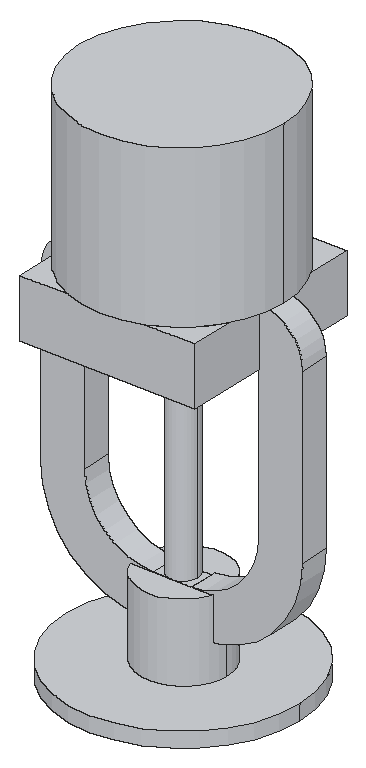
Revit family
Parameters (values of type "RASCO F156 PENDENT")
  Temperature Rating = 286 °F
  Response = (empty or 0)
  RASCO SIN # = "RA1314"
  RASCO Part # = "F56P3B"
  Pressure Rating = "175 PSI"
  Pressure Class = (empty or 0)
  Orifice Size = 1/2"
  Orifice = (empty or 0)
  Model = "F156"
  Manufacturer = "RASCO"
  K-Factor = 5.6
  Description = "Bronze Finish"
  Coverage = (empty or 0)
Reference planes (in)
  plane 1 "Center (Front/Back)": y = 0
  plane 2: z = 0
  plane 3 "Center (Left/Right)": x = 0
Dimensions and locks (in)
  aligned and locked: plane 2 to level
Nested families (in)
  nested 1: "F56P3B" at (-0.0113, 0, 2.4375) x (-1, 0, 0) z (0, 0, -1), type "RASCO F156 PENDENT"
Connectors (in)
  piping at (-0.0113, 0, 2.4375)
    settings: on nested 1, index 1, connector radius 55/128", flow factor 0, pipe flow 0 GPM, pressure drop 0.00 psi, fitting loss kfactor 0, connector angle 0.00°, fixture units 0, flow configuration 0, flow direction 0, fitting loss method 0, system type 7, connector reference index -1, connector utility 0, adjustable connector no, is connector primary yes, fitting loss table "", connector description ""
Definition of nested family "F56P3B"
  Parameters (values of type "RASCO F156 PENDENT")
    Type Comments = ""
    Temperature Rating = 0 °F
    Response = (empty or 0)
    Pressure Rating = "0"
    Pressure Class = (empty or 0)
    Orifice Size = 0"
    Orifice = (empty or 0)
    Model = ""
    Manufacturer = ""
    K-Factor = 0
    Description = ""
    Coverage = (empty or 0)
    Assembly Code = ""
  Reference planes (in)
    plane 1 "Center (Front/Back)": y = 0
    plane 2: z = 0
    plane 3 "ref.2": z = 0.6875
    plane 4 "ref.3": z = 0.9375
    plane 5: x = -0.38065
    plane 6: x = 0.36935
    plane 7 "ref. side 1": y = 0.06402
    plane 8 "ref. side 2": y = -0.06098
    plane 9 "ref.4": z = 1.875
    plane 10 "ref.5": z = 2.3125
    plane 11 "ref.6": z = 2.4375
  Forms (in)
    Extrusion 1, solid
      sketch origin (0, 0, 0) x (1, 0, 0) y (0, 1, 0)
        loop
          circle (0, 0) r 0.4379
      from 0 to 0.6875
    Extrusion 2, solid
      sketch origin (-0.12185, 0.05177, 0.6875) x (1, 0, 0) y (0, 1, 0)
        loop
          line (-0.2588, 0.356) -> (-0.2588, -0.4565) -> (0.4912, -0.4565) -> (0.4912, 0.356) -> (-0.2588, 0.356)
      from 0 to 0.25
    Extrusion 3, solid
      sketch origin (0, 0, 0) x (1, 0, 0) y (0, 0, 1)
        loop
          line (-0.38065, 0.68754) -> (-0.38065, 1.58397)
          arc (-0.38065, 1.58397) -> (-0.29541, 1.78976) -> (-0.08962, 1.875) r 0.29103
          line (-0.08962, 1.875) -> (0.07524, 1.875)
          arc (0.07524, 1.875) -> (0.28321, 1.78886) -> (0.36935, 1.58089) r 0.29411
          line (0.36935, 1.58089) -> (0.36935, 0.68751)
          arc (0.36935, 0.68751) -> (0.50207, 0.74393) -> (0.55685, 0.87734) r 0.18984
          line (0.55685, 0.87734) -> (0.55685, 1.61676)
          arc (0.55685, 1.61676) -> (0.42629, 1.93194) -> (0.11111, 2.0625) r 0.44574
          line (0.11111, 2.0625) -> (-0.12259, 2.0625)
          arc (-0.12259, 2.0625) -> (-0.43765, 1.932) -> (-0.56815, 1.61694) r 0.44556
          line (-0.56815, 1.61694) -> (-0.56815, 0.87876)
          arc (-0.56815, 0.87876) -> (-0.51345, 0.74486) -> (-0.38065, 0.68754) r 0.19126
      from -0.06402 to 0.06098
    Extrusion 4, solid
      sketch origin (0, 0, 0.9375) x (-1, 0, 0) y (0, -1, 0)
        loop
          circle (0.00574, -0.00152) r 0.0625
      from 0 to 0.9375
    Extrusion 5, solid
      sketch origin (0, 0, 1.875) x (-1, 0, 0) y (0, -1, 0)
        loop
          circle (0.00574, -0.00152) r 0.1875
      from 0 to 0.4375
    Extrusion 6, solid
      sketch origin (0, 0, 2.3125) x (0, -1, 0) y (1, 0, 0)
        loop
          circle (-0.00152, -0.00574) r 0.5
      from -0.10531 to -0.03987
  Cuts and joins
    joined: Extrusion 1, Extrusion 2, Extrusion 4
  Lines and regions (in)
    model lines
      curve 1: line (-0.00574, 0.06402, 1.875) -> (-0.00574, -0.06098, 1.875)
